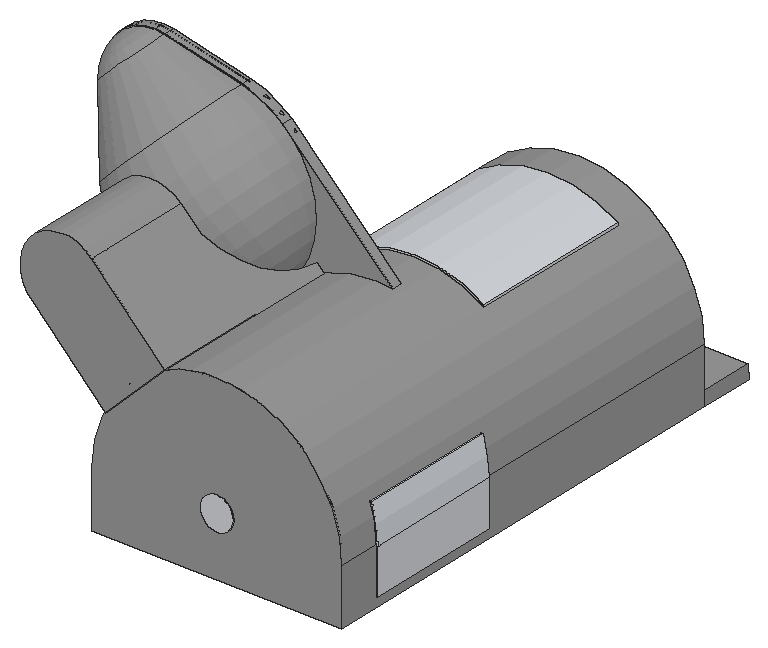
Revit family "Combination-Willoughby-ECF-1806-FA-L-ON", category Plumbing Fixtures, Revit 2015
Parameters (values of type "Standard")
  Waste DIA = 2 3/8"
  Waste Connection = yes
  W-RAD [instance] = Waste DIA / 2  # 0' - 1 3/16"
  URL = "https://www.willoughby-ind.com/wp-content/uploads/2018/04/1806-FA.pdf"
  Revision = "A"
  Model = "ECF-1806-FA-L-ON-HET"
  Manufacturer = "Willoughby Industries"
  Lav Waste DIA = 1 1/2"
  Lav Waste Connection = yes
  L-RAD [instance] = Lav Waste DIA / 2  # 0' - 0 3/4"
  HW Connection = no
  Flush inlet DIA = 1 1/2"
  Flush Inlet Connection = yes
  Fixture Body = Stainless Steel AISI 304-Willoughby
  F-RAD [instance] = Flush inlet DIA / 2  # 0' - 0 3/4"
  Description = "1806 Front Access Combination Unit, Floor toilet waste outlet, Left toilet, On Floor mounted"
  Default Elevation = 0' - 0"
  Contact Number = "(800) 428-4065"
  CW Connection = no
Reference planes (in)
  plane 1 "Center (Front/Back)": y = -16.25
  plane 2: z = 0
  plane 3 "Center (Left/Right)": x = 0
  plane 4 "Base": y = -16.25
  plane 5 "Rim hight": y = -1.5
  plane 6 "Seat height": y = -1.25
  plane 7 "Sink HGT": y = 20.25
  plane 8 "Waste offset": x = 0
  plane 9 "Lwaste ht": y = 8
  plane 10 "flush inlet HT": y = 4.25
  plane 11 "Left Sweep": through (12.20051, 0, 16.45051) normal (0.7071, 0, -0.7071)
  plane 12 "Right Sweep": through (-11.84696, 0, 16.09696) normal (0.7071, 0, 0.7071)
  plane 13: through (-55.90549, 0, 60.15549) normal (-0.7071, 0, -0.7071)
  plane 14: x = -6.375
  plane 15: x = 9
  plane 16 "Waste Center Line": z = 4.25
  plane 17: x = -9
Forms (in)
  Extrusion 1, solid, material "Stainless Steel AISI 304-Willoughby" <- "Fixture Body"
    sketch origin (0, -16.25, 0) x (1, 0, 0) y (0, 0, 1)
      loop
        line (9, 0) -> (9, 1.0625) -> (-9, 1.0625) -> (-9, 0) -> (9, 0)
    from -36.5 to -32.5
  Extrusion 2, solid, material "Stainless Steel AISI 304-Willoughby" <- "Fixture Body"
    sketch origin (3.35108, 10.5, 0.89892) x (-0.707107, 0, -0.707107) y (0.707107, 0, -0.707107)
      loop
        arc (6.0079, -24.25317) -> (6.68213, -22.74625) -> (6.9847, -21.12334) r 7
        line (6.9847, -21.12334) -> (6.9847, -9.98237)
        arc (6.9847, -9.98237) -> (0, -12.87552) -> (-6.9847, -9.98237) r 9.87786
        line (-6.9847, -9.98237) -> (-6.9847, -21.12334)
        arc (-6.9847, -21.12334) -> (-6.68213, -22.74625) -> (-6.0079, -24.25317) r 7
        line (-6.0079, -24.25317) -> (-2.96593, -29.1083)
        arc (-2.96593, -29.1083) -> (0, -30.75) -> (2.96593, -29.1083) r 3.5
        line (2.96593, -29.1083) -> (6.0079, -24.25317)
      loop
        arc (4.24214, -22.50332) -> (0, -16.0358) -> (-4.24214, -22.50332) r 4.625
        line (-4.24214, -22.50332) -> (-1.839, -28.03617)
        arc (-1.839, -28.03617) -> (0, -29.25) -> (1.839, -28.03617) r 2
        line (1.839, -28.03617) -> (4.24214, -22.50332)
    from 11.75 to 12.5
  Revolve 3, solid, material "Stainless Steel AISI 304-Willoughby" <- "Fixture Body"
    sketch origin (3.35108, -1.5, 0.89892) x (-0.707107, 0, -0.707107) y (0.707107, 0, -0.707107)
      loop
        line (0, -13.6608) -> (0, -13.9108)
        arc (0, -13.9108) -> (5.9061, -17.39269) -> (5.71903, -24.24621) r 6.75
        line (5.71903, -24.24621) -> (2.75361, -28.97631)
        arc (2.75361, -28.97631) -> (1.57353, -30.09368) -> (0, -30.5) r 3.25
        line (0, -30.5) -> (0, -30.75)
        arc (0, -30.75) -> (1.69499, -30.31219) -> (2.96593, -29.1083) r 3.5
        line (2.96593, -29.1083) -> (6.0079, -24.25317)
        arc (6.0079, -24.25317) -> (6.08879, -17.20729) -> (0, -13.6608) r 7
      axis (0, -13.6608) -> (0, -30.75)
    angle from 0 to -180
  Extrusion 4, solid
    sketch origin (0, -3.25, -6.25) x (1, 0, 0) y (0, 0, -1)
      loop
        circle (0, -10.5) r 1.1875
    from -13 to -11.36225
  Extrusion 5, solid
    sketch origin (0, 0, 0) x (1, 0, 0) y (0, 1, 0)
      loop
        circle (0, 8) r 0.75
    from 0 to 1
  Extrusion 6, solid
    sketch origin (0, 0, 0) x (1, 0, 0) y (0, 1, 0)
      loop
        circle (-6.375, 4.25) r 0.75
    from 0 to 1
  Extrusion 7, solid, material "Stainless Steel AISI 304-Willoughby" <- "Fixture Body"
    sketch origin (-77.55739, -16.25, -24.30859) x (1, 0, 0) y (0, 0, 1)
      loop
        line (86.55739, 24.30859) -> (86.55739, 28.33218)
        arc (86.55739, 28.33218) -> (77.55739, 37.33218) -> (68.55739, 28.33218) r 9
        line (68.55739, 28.33218) -> (68.55739, 24.30859) -> (86.55739, 24.30859)
    from -32.5 to 0
  Revolve 8, void
    sketch origin (-0.04219, 16.25, -0.04963) x (1, 0, 0) y (0, 0, 1)
      loop
        spline (6.44903, 7.42683) -> (6.2318, 8.59152) -> (5.59494, 9.67683) -> (4.58183, 10.60881) -> (3.26153, 11.32395) -> (1.724, 11.7735) -> (0.07403, 11.92683) -> (-1.57595, 11.7735) -> (-3.11347, 11.32395) -> (-4.43378, 10.60881) -> (-5.44689, 9.67683) -> (-6.08375, 8.59152) -> (-6.30097, 7.42683)
        line (-6.30097, 7.42683) -> (6.44903, 7.42683)
      axis (6.44903, 7.42683) -> (-6.30097, 7.42683)
    angle from 0 to -180
  Extrusion 9, solid, material "Stainless Steel AISI 304-Willoughby" <- "Fixture Body"
    sketch origin (8.54532, -16.25, -35.53935) x (0.707107, 0, 0.707107) y (-0.707107, 0, 0.707107)
      loop
        line (25.09287, 42.44465) -> (25.09287, 49.94465)
        arc (25.09287, 49.94465) -> (22.09287, 52.94465) -> (19.09287, 49.94465) r 3
        line (19.09287, 49.94465) -> (19.09287, 42.44465) -> (25.09287, 42.44465)
    from 0 to -8.02482
  Extrusion 10, solid, material "Stainless Steel AISI 304-Willoughby" <- "Fixture Body"
    sketch origin (3.35876, 0, 0.89124) x (0, 1, 0) y (-0.707107, 0, 0.707107)
      loop
        line (-8.22518, 11.25) -> (-2, 11.25) -> (-2, 13.69664)
        arc (-2, 13.69664) -> (-5.86283, 15.126) -> (-8.22518, 18.5) r 6.90673
        line (-8.22518, 18.5) -> (-8.22518, 11.25)
    from -3 to 3
  Extrusion 11, solid
    sketch origin (1.5, 0, 0) x (1, 0, 0) y (0, 1, 0)
      loop
        circle (0.75, 8) r 0.25
      loop
        circle (-3.75, 8) r 0.25
    from -0.125 to 0
  Extrusion 12, solid
    sketch origin (0, -16.25, 0) x (0, 0, -1) y (-1, 0, 0)
      loop
        line (-0.75, -9) -> (-4.02359, -9)
        arc (-4.02359, -9) -> (-5.4031, -8.89365) -> (-6.75, -8.5771) r 9
        line (-6.75, -8.5771) -> (-6.75, -8.70818)
        arc (-6.75, -8.70818) -> (-5.40264, -9.02019) -> (-4.02359, -9.125) r 9.125
        line (-4.02359, -9.125) -> (-0.75, -9.125) -> (-0.75, -9)
    from 3 to 13
  Extrusion 13, solid
    sketch origin (0, -16.25, 0) x (0, 0, -1) y (-1, 0, 0)
      loop
        line (-0.75, 9) -> (-0.75, 9.125) -> (-4.02359, 9.125)
        arc (-4.02359, 9.125) -> (-5.40264, 9.02019) -> (-6.75, 8.70818) r 9.125
        line (-6.75, 8.70818) -> (-6.75, 8.5771)
        arc (-6.75, 8.5771) -> (-5.4031, 8.89365) -> (-4.02359, 9) r 9
        line (-4.02359, 9) -> (-0.75, 9)
    from 3 to 13
  Extrusion 14, solid
    sketch origin (0, -16.25, 0) x (0, 0, -1) y (-1, 0, 0)
      loop
        arc (-11.65678, 5) -> (-13.14859, 0) -> (-11.65678, -5) r 9.125
        line (-11.65678, -5) -> (-11.50691, -5)
        arc (-11.50691, -5) -> (-13.02359, 0) -> (-11.50691, 5) r 9
        line (-11.50691, 5) -> (-11.65678, 5)
    from 17.75 to 29.75
Cuts and joins
  Revolve 8 cuts Extrusion 7
  joined: Extrusion 9, Extrusion 10
Lines and regions (in)
  model lines, detail levels coarse+medium
    curve 1: line (-9, -16.25, 0) -> (9, -16.25, 0)
    curve 2: line (9, -16.25, 0) -> (9, -16.25, 1.0625)
    curve 3: line (-9, -16.25, 1.0625) -> (-9, -16.25, 0)
    curve 4: line (9, -16.25, 4.02359) -> (9, -16.25, 1.0625)
    curve 5: line (-9, -16.25, 1.0625) -> (-9, -16.25, 4.02359)
  symbolic lines
    curve 6: line (-12.73689, -8.3348, 0) -> (-12.73689, -16.25, 0)
    curve 7: line (-12.73689, -16.25, 0) -> (-5.0708, -16.25, 0)
    curve 8: line (-5.0708, -16.25, 0) -> (-5.0708, -4.78059, 0)
    curve 9: arc (-5.0708, -4.78059, 0) -> (-4.52539, -3.43237, 0) -> (-4.27347, -2, 0) r 6.92791
    curve 10: line (-4.27347, -2, 0) -> (1.23141, -2, 0)
    curve 11: line (1.23141, -2, 0) -> (1.23141, -1.25, 0)
    curve 12: line (1.23141, -1.25, 0) -> (-19.41758, -1.25, 0)
    curve 13: line (-19.41758, -1.25, 0) -> (-19.41758, -2, 0)
    curve 14: arc (-19.41758, -2, 0) -> (-19.04804, -3.07433, 0) -> (-18.3961, -4.00476, 0) r 4.07249
    curve 15: line (-18.3961, -4.00476, 0) -> (-16.43182, -6.18631, 0)
    curve 16: arc (-16.43182, -6.18631, 0) -> (-14.7528, -7.55025, 0) -> (-12.73689, -8.3348, 0) r 6.98205
    curve 17: arc (-12.73689, -8.3348, 0) -> (-11.48689, -8.35704, 0) -> (-10.23689, -8.3348, 0) r 35.14256
    curve 18: arc (-5.0708, -4.78059, 0) -> (-7.21075, -7.20173, 0) -> (-10.23689, -8.3348, 0) r 6.67831
    curve 19: line (-9, 20.25, 0) -> (-9, -16.25, 0)
    curve 20: line (9, -16.25, 0) -> (9, 20.25, 0)
    curve 21: line (9, 20.25, 0) -> (-9, 20.25, 0)
    curve 22: line (-9, 16.25, 0) -> (9, 16.25, 0)
    curve 23: line (9, -16.25, 0) -> (9, -16.25, 4.02359)
    curve 24: arc (9, -16.25, 4.02359) -> (0, -16.25, 13.02359) -> (-9, -16.25, 4.02359) r 9
    curve 25: line (-9, -16.25, 4.02359) -> (-9, -16.25, 0)
    curve 26: line (-9, -16.25, 0) -> (9, -16.25, 0)
    curve 30: line (1.18226, -16.25, 12.9456) -> (-6.64645, -16.25, 20.77431)
    curve 31: arc (-6.64645, -16.25, 20.77431) -> (-7.98233, -16.25, 21.75682) -> (-9.55027, -16.25, 22.29672) r 5.50263
    curve 32: line (-9.55027, -16.25, 22.29672) -> (-15.13436, -16.25, 23.57882)
    curve 33: arc (-15.13436, -16.25, 23.57882) -> (-16.88434, -16.25, 23.53141) -> (-18.39245, -16.25, 22.64245) r 3.5
    curve 34: arc (-18.39245, -16.25, 22.64245) -> (-19.28141, -16.25, 21.13434) -> (-19.32882, -16.25, 19.38436) r 3.5
    curve 35: line (-19.32882, -16.25, 19.38436) -> (-18.08122, -16.25, 13.94373)
    curve 36: arc (-18.04672, -16.25, 13.80027) -> (-17.2296, -16.25, 11.85541) -> (-15.87017, -16.25, 10.24231) r 7
    curve 37: line (-15.87017, -16.25, 10.24231) -> (-9, -16.25, 3.37214)
    curve 43: line (0, -16.25, 0) -> (0, 20.25, 0)
    curve 44: line (0, 20.25, 0) -> (0, 20.25, 1.0625)
    curve 45: line (0, 20.25, 1.0625) -> (0, 16.25, 1.0625)
    curve 46: line (0, 16.25, 1.0625) -> (0, 16.25, 13.02359)
    curve 47: line (0, 16.25, 13.02359) -> (0, -16.25, 13.02359)
    curve 48: line (0, -16.25, 13.02359) -> (0, -16.25, 0)
    curve 49: line (0, -2, 3.5) -> (0, -1.25, 3.5)
    curve 50: line (0, -1.25, 3.5) -> (0, -1.25, 23.66758)
    curve 51: line (0, -1.25, 23.66758) -> (0, -2, 23.66758)
    curve 52: arc (0, -2, 23.66758) -> (0, -3.1086, 23.27415) -> (0, -4.05468, 22.57509) r 3.99747
    curve 53: line (0, -4.05468, 22.57509) -> (0, -6.57919, 20.30201)
    curve 54: arc (0, -6.57919, 20.30201) -> (0, -7.69261, 18.77046) -> (0, -8.3397, 16.99096) r 6.78844
    curve 55: line (0, -8.3397, 16.99096) -> (0, -16.25, 16.99096)
    curve 56: line (0, -16.25, 16.99096) -> (0, -16.25, 9.37571)
    curve 57: arc (0, -2, 8.52359) -> (0, -3.4683, 8.78493) -> (0, -4.84202, 9.36551) r 6.68023
    curve 58: arc (0, -4.84202, 9.36551) -> (0, -7.13635, 11.40679) -> (0, -8.36873, 14.21961) r 7.18462
    curve 59: line (0, -8.36873, 14.21961) -> (0, -8.36873, 16.96961)
    curve 60: line (0, -2, 8.52359) -> (0, -2, 3.5)
    curve 61: line (0, -16.25, 9.37571) -> (0, -4.86012, 9.37571)
  symbolic lines, detail levels medium+fine
    curve 27: line (9, -16.25, 1.0625) -> (-9, -16.25, 1.0625)
  symbolic lines, detail levels fine
    curve 28: spline (6.40684, -16.25, 7.3772) -> (6.18962, -16.25, 6.21252) -> (5.55275, -16.25, 5.1272) -> (4.53965, -16.25, 4.19522) -> (3.21934, -16.25, 3.48009) -> (1.68181, -16.25, 3.03054) -> (0.03184, -16.25, 2.8772) -> (-1.61813, -16.25, 3.03054) -> (-3.15566, -16.25, 3.48009) -> (-4.47597, -16.25, 4.19522) -> (-5.48907, -16.25, 5.1272) -> (-6.12594, -16.25, 6.21252) -> (-6.34316, -16.25, 7.3772)
    curve 29: spline (-6.34316, -16.25, 7.3772) -> (-6.12594, -16.25, 8.54189) -> (-5.48907, -16.25, 9.6272) -> (-4.47597, -16.25, 10.55918) -> (-3.15566, -16.25, 11.27432) -> (-1.61813, -16.25, 11.72387) -> (0.03184, -16.25, 11.8772) -> (1.68181, -16.25, 11.72387) -> (3.21934, -16.25, 11.27432) -> (4.53965, -16.25, 10.55918) -> (5.55275, -16.25, 9.6272) -> (6.18962, -16.25, 8.54189) -> (6.40684, -16.25, 7.3772)
    curve 38: line (-9.56153, -16.25, 19.81081) -> (-15.17311, -16.25, 22.02386)
    curve 39: arc (-15.17311, -16.25, 22.02386) -> (-16.36379, -16.25, 22.11346) -> (-17.39646, -16.25, 21.51402) r 2.01679
    curve 40: arc (-17.39646, -16.25, 21.51402) -> (-17.88904, -16.25, 20.52341) -> (-17.77386, -16.25, 19.42311) r 1.9818
    curve 41: line (-17.77386, -16.25, 19.42311) -> (-15.56081, -16.25, 13.81153)
    curve 42: arc (-15.56081, -16.25, 13.81153) -> (-7.98794, -16.25, 12.23794) -> (-9.56153, -16.25, 19.81081) r 4.625
Dimensions and locks (in)
  locked: plane 6 "Seat height" to plane 5 "Rim hight" at 0.25
  plane 6 "Seat height" to plane 4 "Base" = 1' - 3"  (x2)
  locked: Extrusion 2 to Extrusion 2 at 0.75
  locked: plane 9 "Lwaste ht" to plane 4 "Base" at 24.25
  locked: plane 10 "flush inlet HT" to plane 4 "Base" at 20.5
  locked: cut or joined group of Extrusion 7, Revolve 8 to cut or joined group of Extrusion 7, Revolve 8 at 18
  locked: plane 16 "Waste Center Line" to level at 4.25
  plane 10 "flush inlet HT" to plane 1 "Center (Front/Back)" = 1' - 8 1/2"
  plane 9 "Lwaste ht" to plane 1 "Center (Front/Back)" = 2' - 0 1/4"
  locked: plane 3 "Center (Left/Right)" to plane 15 at 9
  locked: Extrusion 1 to plane 15 at 18
  plane 4 "Base" to plane 7 "Sink HGT" = 3' - 0 1/2"
  cut or joined group of Extrusion 7, Revolve 8 to plane 4 "Base" = 2' - 8 1/2"
  plane 17 to plane 14 = 0' - 2 5/8"
  "W-RAD": radius of Extrusion 4 sketch curve
  "L-RAD": radius of Extrusion 5 sketch curve
  "F-RAD": radius of Extrusion 6 sketch curve
  radius of cut or joined group of Extrusion 7, Revolve 8 = 0' - 9"
  aligned and locked: Extrusion 1 to plane 7 "Sink HGT"
  aligned and locked: plane 8 "Waste offset" to Extrusion 4 sketch curve
  aligned and locked: plane 9 "Lwaste ht" to Extrusion 5 sketch curve
  aligned and locked: Extrusion 5 sketch curve to plane 8 "Waste offset"
  aligned and locked: plane 10 "flush inlet HT" to Extrusion 6 sketch curve
  aligned and locked: Extrusion 2 to plane 6 "Seat height"
  aligned and locked: Revolve 3 to plane 5 "Rim hight"
  aligned and locked: Revolve 8 sketch curve to Revolve 8 sketch curve
  aligned and locked: plane 14 to Extrusion 6 sketch curve
  aligned and locked: plane 16 "Waste Center Line" to Extrusion 4 sketch curve
  aligned and locked: curve 4 to cut or joined group of Extrusion 7, Revolve 8
  aligned and locked: cut or joined group of Extrusion 7, Revolve 8 to curve 5
  aligned and locked: plane 15 to cut or joined group of Extrusion 7, Revolve 8
  aligned and locked: plane 1 "Center (Front/Back)" to Extrusion 7
  aligned and locked: Extrusion 7 to plane 15
  aligned and locked: Extrusion 7 to curve 1
  aligned and locked: cut or joined group of Extrusion 7, Revolve 8 to Extrusion 1
  aligned and locked: plane 17 to cut or joined group of Extrusion 7, Revolve 8
  aligned and locked: Extrusion 7 to level
  aligned and locked: Extrusion 1 to level
  aligned and locked: Extrusion 1 to plane 15
  aligned and locked: plane 1 "Center (Front/Back)" to Extrusion 4
  aligned and locked: Extrusion 9 to Extrusion 10
Automatic sketch dimensions
  plane 6 "Seat height" to curve 13 = 0' - 0"
  plane 1 "Center (Front/Back)" to curve 7 = 0' - 0"
  curve 22 to plane 17 = 0' - 0"
  plane 7 "Sink HGT" to curve 20 = 0' - 0"
  curve 20 to plane 15 = 0' - 0"
  plane 1 "Center (Front/Back)" to curve 20 = 0' - 0"
  plane 5 "Rim hight" to curve 18 = 0' - 0.19978"
  plane 17 to curve 18 = 0' - 1.99604"
  plane 5 "Rim hight" to curve 9 = 0' - 0.02278"
  curve 9 to curve 18 = 0' - 0.18889"
  plane 5 "Rim hight" to curve 16 = 0' - 0.01441"
  curve 16 to curve 9 = 0' - 0.05822"
  plane 17 to curve 17 = 0' - 2.48689"
  plane 17 to curve 6 = 0' - 3.73689"
  curve 14 to plane 6 "Seat height" = 0' - 0.02455"
  curve 14 to curve 16 = 0' - 4.17628"
  curve 15 to curve 17 = 0' - 3.69493"
  plane 5 "Rim hight" to curve 15 = 0' - 2.50476"
  curve 15 to curve 16 = 0' - 1.96428"
  curve 12 to curve 14 = 0' - 1.02148"
  plane 14 to curve 8 = 0' - 1.3042"
  plane 5 "Rim hight" to curve 10 = 0' - 0 1/2"
  curve 18 to curve 10 = 0' - 0.79732"
  plane 3 "Center (Left/Right)" to curve 11 = 0' - 1.23141"
  curve 6 to curve 18 = 0' - 6.63503"
  curve 17 to plane 7 "Sink HGT" = 0' - 6.53552"
  plane 7 "Sink HGT" to curve 22 = 0' - 4"
  curve 43 to level = 0' - 0"
  curve 43 to plane 1 "Center (Front/Back)" = 0' - 0"
  curve 61 to plane 1 "Center (Front/Back)" = 0' - 0"
  curve 51 to plane 6 "Seat height" = 0' - 0"
  curve 45 to plane 7 "Sink HGT" = 0' - 0"
  plane 5 "Rim hight" to curve 59 = 0' - 6.86873"
  curve 59 to curve 55 = 0' - 0.02903"
  curve 54 to curve 53 = 0' - 1.76052"
  plane 5 "Rim hight" to curve 53 = 0' - 2 71/128"
  plane 5 "Rim hight" to curve 51 = 0' - 0 1/2"
  plane 5 "Rim hight" to curve 60 = 0' - 0 1/2"
  plane 5 "Rim hight" to curve 54 = 0' - 0.19877"
  plane 5 "Rim hight" to curve 57 = 0' - 0.07085"
  plane 6 "Seat height" to curve 58 = 0' - 0.07386"
  curve 52 to plane 6 "Seat height" = 0' - 0.0181"
  plane 7 "Sink HGT" to curve 46 = 0' - 4"
  level to curve 45 = 0' - 1 1/16"
  curve 49 to plane 16 "Waste Center Line" = 0' - 0 3/4"
  plane 16 "Waste Center Line" to curve 60 = 0' - 4.27359"
  plane 16 "Waste Center Line" to curve 61 = 0' - 5.12571"
  plane 16 "Waste Center Line" to curve 47 = 0' - 8.77359"
  curve 61 to curve 59 = 0' - 4.8439"
  curve 57 to curve 57 = 0' - 6.66643"
  curve 57 to curve 54 = 0' - 0.39346"
  curve 54 to curve 58 = 0' - 0.04633"
  curve 47 to curve 55 = 0' - 3.96737"
  curve 58 to curve 52 = 0' - 4.11479"
  curve 54 to curve 53 = 0' - 2.27307"
  curve 59 to curve 55 = 0' - 0.02134"
  curve 1 to level = 0' - 0"
  level to curve 2 = 0' - 1 1/16"
  level to curve 5 = 0' - 1 1/16"
  curve 5 to plane 16 "Waste Center Line" = 0' - 0.22641"
  curve 4 to plane 16 "Waste Center Line" = 0' - 0.22641"
  Extrusion 1 sketch curve to level = 0' - 0"
  plane 17 to Extrusion 1 sketch curve = 0' - 0"
  plane 15 to Extrusion 1 sketch curve = 0' - 0"
  level to Extrusion 1 sketch curve = 0' - 1 1/16"
  Extrusion 2 sketch curve to Extrusion 2 sketch curve = 0' - 0"  (x8)
  Extrusion 2 sketch curve to plane 12 "Right Sweep" = 0' - 0"  (x3)
  plane 12 "Right Sweep" to Extrusion 2 sketch curve = 0' - 1.839"
  Extrusion 2 sketch curve to Extrusion 2 sketch curve = 0' - 1.12693"  (x2)
  plane 12 "Right Sweep" to Extrusion 2 sketch curve = 0' - 4.24214"
  Extrusion 2 sketch curve to Extrusion 2 sketch curve = 0' - 1.76576"  (x2)
  Extrusion 2 sketch curve to Extrusion 2 sketch curve = 0' - 2.74256"
  Extrusion 2 sketch curve to plane 12 "Right Sweep" = 0' - 1.839"
  Extrusion 2 sketch curve to plane 12 "Right Sweep" = 0' - 4.24214"
  Extrusion 2 sketch curve to plane 11 "Left Sweep" = 0' - 5.24322"
  Extrusion 2 sketch curve to plane 12 "Right Sweep" = 0' - 6.9847"
  Extrusion 2 sketch curve to Extrusion 2 sketch curve = 0' - 10.67843"
  Extrusion 2 sketch curve to Extrusion 2 sketch curve = 0' - 0.46255"  (x2)
  Extrusion 2 sketch curve to Extrusion 2 sketch curve = 0' - 1.74985"
  Extrusion 2 sketch curve to Extrusion 2 sketch curve = 0' - 4.74668"
  Extrusion 2 sketch curve to Extrusion 2 sketch curve = 0' - 0.78617"
  Extrusion 2 sketch curve to Extrusion 2 sketch curve = 0' - 1.07212"
  plane 11 "Left Sweep" to Extrusion 2 sketch curve = 0' - 1.74148"
  Revolve 3 sketch curve to Revolve 3 sketch curve = 0' - 0"  (x2)
  Revolve 3 sketch curve to plane 12 "Right Sweep" = 0' - 0"  (x3)
  plane 12 "Right Sweep" to Revolve 3 sketch curve = 0' - 0"
  Revolve 3 sketch curve to plane 12 "Right Sweep" = 0' - 2.75361"
  Revolve 3 sketch curve to Revolve 3 sketch curve = 0' - 0.21232"
  Revolve 3 sketch curve to Revolve 3 sketch curve = 0' - 2.96542"
  Revolve 3 sketch curve to Revolve 3 sketch curve = 0' - 0.28887"
  Revolve 3 sketch curve to plane 11 "Left Sweep" = 2' - 2.01086"
  Revolve 3 sketch curve to Revolve 3 sketch curve = 0' - 0 1/4"
  Revolve 3 sketch curve to Revolve 3 sketch curve = 0' - 1.3917"
  Revolve 3 sketch curve to Revolve 3 sketch curve = 0' - 0.13199"
  Revolve 3 sketch curve to Revolve 3 sketch curve = 0' - 4.85513"
  Revolve 3 sketch curve to Revolve 3 sketch curve = 0' - 0.00696"
  Revolve 3 sketch curve to Revolve 3 sketch curve = 0' - 6.5892"
  Revolve 3 sketch curve to Revolve 3 sketch curve = 0' - 3 1/4"
  Revolve 3 sketch curve to Revolve 3 sketch curve = 0' - 2.4108"
  Extrusion 7 sketch curve to level = 0' - 0"
  plane 17 to Extrusion 7 sketch curve = 0' - 0"
  Extrusion 7 sketch curve to plane 3 "Center (Left/Right)" = 0' - 0"
  Extrusion 7 sketch curve to plane 16 "Waste Center Line" = 0' - 0.22641"
  plane 14 to Revolve 8 sketch curve = 0' - 0.03184"
  plane 15 to Revolve 8 sketch curve = 0' - 2.59316"
  plane 16 "Waste Center Line" to Revolve 8 sketch curve = 0' - 3.1272"
  plane 17 to Revolve 8 sketch curve = 0' - 2.46816"
  Revolve 8 sketch curve to Revolve 8 sketch curve = 0' - 0 7/8"
  plane 5 "Rim hight" to Extrusion 10 sketch curve = 0' - 6.72518"
  plane 5 "Rim hight" to Extrusion 10 sketch curve = 0' - 0 1/2"
  plane 5 "Rim hight" to Extrusion 10 sketch curve = 0' - 0.14358"
  Extrusion 10 sketch curve to plane 11 "Left Sweep" = 0' - 6 1/2"
  Extrusion 10 sketch curve to Extrusion 10 sketch curve = 0' - 2.44664"
  Extrusion 10 sketch curve to Extrusion 10 sketch curve = 0' - 7 1/4"
  curve 33 to curve 34 = 0' - 0"  (x2)
  curve 36 to curve 42 = 0' - 0"  (x2)
  curve 33 to plane 12 "Right Sweep" = 0' - 0"
  curve 34 to plane 12 "Right Sweep" = 0' - 0"
  curve 36 to plane 12 "Right Sweep" = 0' - 0"
  plane 17 to curve 25 = 0' - 0"
  plane 15 to curve 24 = 0' - 0"
  curve 26 to level = 0' - 0"
  curve 23 to plane 16 "Waste Center Line" = 0' - 0.22641"
  plane 16 "Waste Center Line" to curve 37 = 0' - 5.99231"
  curve 41 to curve 36 = 0' - 3.56922"
  plane 17 to curve 42 = 0' - 2.25831"
  curve 31 to curve 36 = 0' - 1.37505"
  curve 35 to curve 41 = 0' - 5.57284"
  curve 41 to curve 35 = 0' - 0.03875"
  plane 17 to curve 38 = 0' - 0.56153"
  curve 38 to curve 31 = 0' - 2.92746"
  curve 39 to curve 40 = 0' - 0.72458"
  curve 33 to curve 39 = 0' - 0.01989"
  curve 40 to curve 33 = 0' - 0.00382"
  curve 30 to plane 14 = 0' - 0.27145"
  curve 30 to curve 42 = 0' - 0.96349"
  plane 17 to curve 38 = 0' - 6.17311"
  curve 38 to curve 33 = 0' - 1.85628"
  plane 17 to curve 32 = 0' - 0.55027"
  curve 32 to curve 38 = 0' - 2.48591"
  plane 17 to curve 32 = 0' - 6.13436"
  curve 32 to curve 39 = 0' - 1.55496"
  curve 41 to curve 37 = 0' - 0.30935"
  curve 39 to curve 33 = 0' - 0.00456"
  curve 33 to curve 40 = 0' - 0.02118"
  curve 41 to curve 35 = 0' - 1.55496"
  curve 27 to curve 25 = 0' - 1 1/16"
  curve 24 to curve 37 = 0' - 0.65145"
  plane 16 "Waste Center Line" to curve 28 = 0' - 3.1272"
  plane 3 "Center (Left/Right)" to curve 30 = 0' - 1.18226"
  curve 41 to curve 36 = 0' - 0.01125"
  curve 35 to curve 36 = 0' - 0.14346"
  plane 15 to curve 28 = 0' - 2.59316"
  plane 3 "Center (Left/Right)" to curve 28 = 0' - 0.03184"
  curve 36 to curve 35 = 0' - 0.03449"
  Extrusion 11 sketch curve to plane 9 "Lwaste ht" = 0' - 0"  (x2)
  Extrusion 11 sketch curve to plane 3 "Center (Left/Right)" = 0' - 2 1/4"
  plane 3 "Center (Left/Right)" to Extrusion 11 sketch curve = 0' - 2 1/4"
  Extrusion 12 sketch curve to Extrusion 12 sketch curve = 0' - 0"  (x2)
  plane 15 to Extrusion 12 sketch curve = 0' - 0"
  Extrusion 12 sketch curve to plane 3 "Center (Left/Right)" = 0' - 0"
  plane 15 to Extrusion 12 sketch curve = 0' - 0.29182"
  plane 16 "Waste Center Line" to Extrusion 12 sketch curve = 0' - 2 1/2"
  Extrusion 12 sketch curve to plane 16 "Waste Center Line" = 0' - 0.22641"
  level to Extrusion 12 sketch curve = 0' - 0 3/4"
  Extrusion 13 sketch curve to Extrusion 13 sketch curve = 0' - 0"  (x2)
  plane 17 to Extrusion 13 sketch curve = 0' - 0"
  Extrusion 13 sketch curve to plane 3 "Center (Left/Right)" = 0' - 0"
  plane 17 to Extrusion 13 sketch curve = 0' - 0.29182"
  Extrusion 13 sketch curve to plane 16 "Waste Center Line" = 0' - 2 1/2"
  plane 16 "Waste Center Line" to Extrusion 13 sketch curve = 0' - 0.22641"
  Extrusion 13 sketch curve to level = 0' - 0 3/4"
  Extrusion 14 sketch curve to plane 3 "Center (Left/Right)" = 0' - 0"
  Extrusion 14 sketch curve to plane 16 "Waste Center Line" = 0' - 0.22641"
  plane 14 to Extrusion 14 sketch curve = 0' - 1 3/8"
  Extrusion 14 sketch curve to Extrusion 14 sketch curve = 0' - 0"  (x2)
  Extrusion 14 sketch curve to Extrusion 14 sketch curve = 0' - 0.14988"  (x2)
  plane 16 "Waste Center Line" to Extrusion 14 sketch curve = 0' - 7.25691"
  Extrusion 9 sketch curve to plane 12 "Right Sweep" = 0' - 0"
  plane 12 "Right Sweep" to Extrusion 9 sketch curve = 0' - 3"
  Extrusion 9 sketch curve to plane 11 "Left Sweep" = 0' - 8.26687"
  Extrusion 9 sketch curve to Extrusion 9 sketch curve = 0' - 7 1/2"
  radius of Extrusion 11 sketch curve = 0' - 0 1/4"  (x2)
Connectors (in)
  piping at (0, -16.25, 4.25), diameter 2.375, driven by "W-RAD", driven by "Waste Connection"
    settings: on Extrusion 4, index 1, connector inside diameter 2 1/4", connector length 0' - 0", flow factor 0, pipe flow 0 GPM, pressure drop 0.00 psi, fitting loss kfactor 0, connector angle 0.00°, fixture units 0, engagement length 0' - 0", angle of deflection 0.00°, flow configuration 3, flow direction 2, fitting loss method 0, system type 16, joint type 0, gender type 0, connector reference index -1, connector utility 1, adjustable connector yes, is connector primary yes, connector description "Toilet Waste"
  piping at (0, 8, 1), diameter 1.5, driven by "L-RAD", driven by "Lav Waste Connection"
    settings: on Extrusion 5, index 2, connector inside diameter 1 1/2", connector length 0' - 0", flow factor 0, pipe flow 0 GPM, pressure drop 0.00 psi, fitting loss kfactor 0, connector angle 0.00°, fixture units 0, engagement length 0' - 0", angle of deflection 0.00°, flow configuration 3, flow direction 2, fitting loss method 0, system type 16, joint type 0, gender type 0, connector reference index -1, connector utility 1, adjustable connector yes, is connector primary no, connector description "Sink Waste"
  piping at (-6.375, 4.25, 1), diameter 1.5, driven by "F-RAD", driven by "Flush Inlet Connection"
    settings: on Extrusion 6, index 3, connector inside diameter 1 1/2", connector length 0' - 0", flow factor 0, pipe flow 0 GPM, pressure drop 0.00 psi, fitting loss kfactor 0, connector angle 0.00°, fixture units 0, engagement length 0' - 0", angle of deflection 0.00°, flow configuration 3, flow direction 1, fitting loss method 0, system type 20, joint type 0, gender type 0, connector reference index -1, connector utility 1, adjustable connector yes, is connector primary no, connector description "Flushing Inlet"
  piping at (-2.25, 8, 0), diameter 0.5
    settings: on Extrusion 11, index 4, connector inside diameter 24", connector length 0' - 0", flow factor 0, pipe flow 0 GPM, pressure drop 0.00 psi, fitting loss kfactor 0, connector angle 0.00°, fixture units 0, engagement length 0' - 0", angle of deflection 0.00°, flow configuration 0, flow direction 0, fitting loss method 0, system type 19, joint type 0, gender type 0, connector reference index -1, connector utility 0, adjustable connector no, is connector primary no, connector description ""
  piping at (2.25, 8, 0), diameter 0.5
    settings: on Extrusion 11, index 5, connector inside diameter 24", connector length 0' - 0", flow factor 0, pipe flow 0 GPM, pressure drop 0.00 psi, fitting loss kfactor 0, connector angle 0.00°, fixture units 0, engagement length 0' - 0", angle of deflection 0.00°, flow configuration 0, flow direction 0, fitting loss method 0, system type 20, joint type 0, gender type 0, connector reference index -1, connector utility 0, adjustable connector no, is connector primary no, connector description ""
